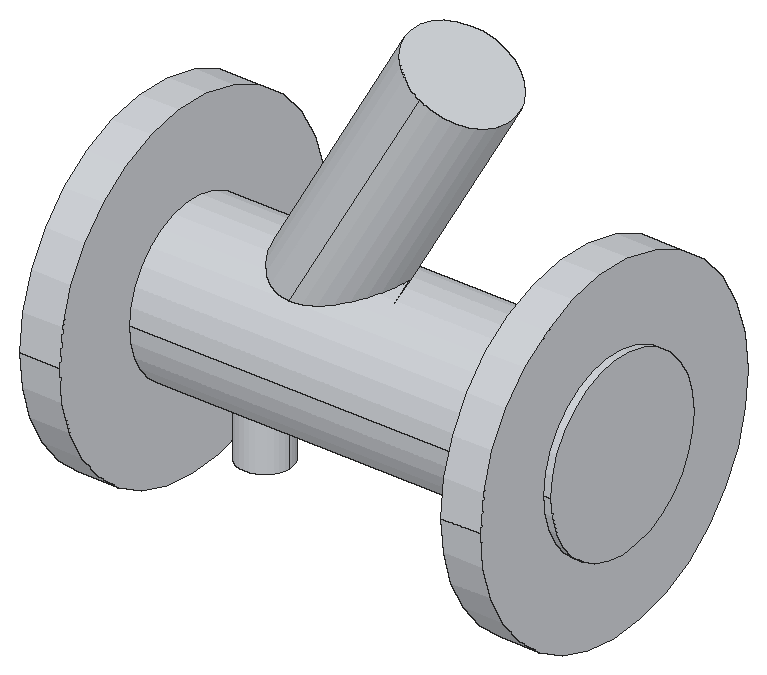
Revit family "HS 821-síto_jemné-PN25-DN020-RFA_2019", category Pipe Accessories, Revit 2019
Family settings
  Round Connector Dimension = Use Diameter
  Part Type = Breaks Into
  Work Plane-Based = No
  Always vertical = Yes
  Cut with Voids When Loaded = No
  Shared = No
Parameters (values of type "821D-DN020-PN25-síto_jemné")
  magiProductId = "270e0f14012f47189cd0235c18faee"
  magiProductFamilyId = "79214ac3aaa945e397802f559f5c1e"
  magiPartTypeId = 307
  isMeasuringValve [instance] = no
  ang2D [instance] = 0.00°
  ZB__ve = -ZB  # -17.75 mm
  ZB1 = 22.68 mm
  ZB = 17.75 mm
  X2 = 51.673 mm
  X1 = 21 mm
  W2D = 15 mm
  VersionID = "2.0/2017.9.26.1/ZETKAMA_821_001"
  Use Minimum Symbol Size [instance] = yes
  URL = "www.hydronic.cz"
  Type Comments = "Filtr přírubový; síto jemné; A-PN16 (-10~300°C); D-PN25 (-10~350°C); F-PN40 (-10~400°C)"
  S = 56 mm
  QmdConnectorList = "301;D;302;D"
  Productdata [instance] = ""
  Manufacturer = "Hydronic Systems Prague s.r.o."
  MC Product Code = "210 220 (821D; DN020; PN25; kvs9,6; oko síta 0,63mm)"
  LM1 = 12 mm
  LM = 120 mm
  L4 = 37.5 mm
  L2D_Min = 3048 mm
  L2D = 130 mm
  L2 = 75 mm
  HH2 = 89.5 mm
  FD = 105 mm
  Description = "Filtr přírubový; síto jemné; 821A-PN16; 821D-PN25; 821F-PN40"
  DM1 = 33.6 mm
  DM = 50.4 mm
  D = 20 mm
  CC = 2.55 mm
  CAT0 = yes
  C1 = 12.45 mm
  C = 15 mm
  BD = 15.876 mm
Types (40, lengths in mm): name | magiProductId | ZB__ve | ZB1 | ZB | X2 | X1 | S | MC Product Code | LM1 | LM | L4 | L2 | HH2 | FD | DM1 | DM | D | CC | C1 | C | BD
  821A-DN015-PN16-síto_jemné | "a71bcfe8b393460598b23e8ddf7dc5" | -16.25 | 18.63 | 16.25 | 46.982 | 18.2 | 46 | "210 115 (821A; DN015; PN16; kvs6,2; oko síta 0,63mm)" | 10.4 | 104 | 32.5 | 65 | 81.375 | 95 | 27.6 | 41.4 | 15 | 2.21 | 10.79 | 13 | 13.041
  821A-DN020-PN16-síto_jemné | "41cd6c7a12924f4991217528336076" | -17.75 | 22.68 | 17.75 | 51.673 | 21 | 56 | "210 120 (821A; DN020; PN16; kvs9,6; oko síta 0,63mm)" | 12 | 120 | 37.5 | 75 | 89.5 | 105 | 33.6 | 50.4 | 20 | 2.55 | 12.45 | 15 | 15.876
  821A-DN025-PN16-síto_jemné | "be378b463ed14c3abf4c9b3ae8cf3a" | -19.25 | 26.325 | 19.25 | 58.601 | 22.4 | 65 | "210 125 (821A; DN025; PN16; kvs14,2; oko síta 0,63mm)" | 12.8 | 128 | 40 | 80 | 101.5 | 115 | 43.2 | 58.5 | 25 | 2.72 | 13.28 | 16 | 18.427
  821A-DN032-PN16-síto_jemné | "227a0d18b21540afabe8b6067d35fa" | -23 | 30.78 | 23 | 68.849 | 25.2 | 76 | "210 132 (821A; DN032; PN16; kvs23,1; oko síta 0,63mm)" | 14.4 | 144 | 45 | 90 | 119.25 | 140 | 50.4 | 68.4 | 32 | 3.06 | 14.94 | 18 | 21.546
  821A-DN040-PN16-síto_jemné | "d106917c74724141a10440112d0102" | -24.5 | 34.02 | 24.5 | 75.777 | 28 | 84 | "210 140 (821A; DN040; PN16; kvs36,6; oko síta 0,63mm)" | 16 | 160 | 50 | 100 | 131.25 | 150 | 60 | 75.6 | 40 | 3.4 | 16.6 | 20 | 23.814
  821A-DN050-PN16-síto_jemné | "8255d456a09e4f6486734f5dd9171b" | -26.75 | 40.095 | 26.75 | 79.061 | 32.2 | 99 | "210 150 (821A; DN050 PN16; kvs53,7; oko síta 0,63mm)" | 18.4 | 184 | 57.5 | 115 | 136.938 | 165 | 73.8 | 89.1 | 50 | 3.91 | 19.09 | 23 | 28.066
  821A-DN065-PN16-síto_jemné | "235b1b3e4c0843779a4d5e3716d40a" | -29.75 | 47.79 | 29.75 | 86.927 | 40.6 | 118 | "210 165 (821A; DN065; PN16; kvs95,1; oko síta 0,63mm)" | 23.2 | 232 | 72.5 | 145 | 150.562 | 185 | 94.2 | 106.2 | 65 | 4.93 | 24.07 | 29 | 33.453
  821A-DN080-PN16-síto_jemné | "a067f7c5236348ed8c820d16df7214" | -32 | 53.46 | 32 | 104.753 | 43.4 | 132 | "210 180 (821A; DN080; PN16; kvs137,1; oko síta 0,63mm)" | 24.8 | 248 | 77.5 | 155 | 181.438 | 200 | 107.4 | 118.8 | 80 | 5.27 | 25.73 | 31 | 37.422
  821A-DN100-PN16-síto_jemné | "c49a648c2747461285837d643703cd" | -35 | 63.18 | 35 | 114.857 | 49 | 156 | "210 190 (821A; DN100; PN16; kvs206,4; oko síta 0,63mm)" | 28 | 280 | 87.5 | 175 | 198.937 | 220 | 131.4 | 140.4 | 100 | 5.95 | 29.05 | 35 | 44.226
  821A-DN125-PN16-síto_jemné | "bf68e728a163493cbd2a663b26ebdc" | -39.5 | 74.52 | 39.5 | 131.888 | 56 | 184 | "210 191 (821A; DN125; PN16; kvs268,8; oko síta 0,63mm)" | 32 | 320 | 100 | 200 | 228.438 | 250 | 165 | 165.6 | 125 | 6.8 | 33.2 | 40 | 52.164
  821A-DN150-PN16-síto_jemné | "2de770284b654863ae6bc865769dc5" | -44.75 | 85.455 | 44.75 | 155.885 | 67.2 | 211 | "210 192 (821A; DN150; PN16; kvs401,4; oko síta 0,63mm)" | 38.4 | 384 | 120 | 240 | 270 | 285 | 192 | 189.9 | 150 | 8.16 | 39.84 | 48 | 59.818
  821A-DN200-PN16-síto_jemné | "8e5693371ab64aabb29a7f08c76e15" | -53 | 107.73 | 53 | 188.361 | 84 | 266 | "210 193 (821A; DN200; PN16; kvs706,7; oko síta 0,63mm)" | 48 | 480 | 150 | 300 | 326.25 | 340 | 252 | 239.4 | 200 | 10.2 | 49.8 | 60 | 75.411
  821A-DN250-PN16-síto_jemné | "05e37ed948c34047acdd4c42556504" | -62.75 | 129.195 | 62.75 | 255.911 | 102.2 | 319 | "210 194 (821A; DN250; PN16; kvs1229,4; oko síta 0,63mm)" | 58.4 | 584 | 182.5 | 365 | 443.25 | 405 | 309.6 | 287.1 | 250 | 12.41 | 60.59 | 73 | 90.436
  821A-DN300-PN16-síto_jemné | "9ad0af747269428da925480d83ce80" | -71 | 149.85 | 71 | 325.914 | 119 | 370 | "210 195 (821A; DN300; PN16; kvs1902,4; oko síta 0,63mm)" | 68 | 680 | 212.5 | 425 | 564.5 | 460 | 369.6 | 333 | 300 | 14.45 | 70.55 | 85 | 104.895
  821A-DN350-PN16-síto_jemné | "eebc71459bb3451bb4355e7951370a" | -80 | 173.745 | 80 | 356.875 | 137.2 | 429 | "200 196 (821A; DN350; PN16; kvs2611,0; oko síta 0,63mm)" | 78.4 | 784 | 245 | 490 | 618.125 | 520 | 438 | 386.1 | 350 | 16.66 | 81.34 | 98 | 121.621
  821A-DN400-PN16-síto_jemné | "d2f677cb196647e385b2590e7d8abe" | -89 | 194.4 | 89 | 392.237 | 154 | 480 | "210 197 (821A; DN400; PN16; kvs3438,4; oko síta 0,63mm)" | 88 | 880 | 275 | 550 | 679.375 | 580 | 498 | 432 | 400 | 18.7 | 91.3 | 110 | 136.08
  821D-DN015-PN25-síto_jemné | "27ddcbf555414f8ca1fde329bf9087" | -16.25 | 18.63 | 16.25 | 46.982 | 18.2 | 46 | "210 215 (821D; DN015; PN25; kvs6,2; oko síta 0,63mm)" | 10.4 | 104 | 32.5 | 65 | 81.375 | 95 | 27.6 | 41.4 | 15 | 2.21 | 10.79 | 13 | 13.041
  821D-DN020-PN25-síto_jemné | "270e0f14012f47189cd0235c18faee" | -17.75 | 22.68 | 17.75 | 51.673 | 21 | 56 | "210 220 (821D; DN020; PN25; kvs9,6; oko síta 0,63mm)" | 12 | 120 | 37.5 | 75 | 89.5 | 105 | 33.6 | 50.4 | 20 | 2.55 | 12.45 | 15 | 15.876
  821D-DN025-PN25-síto_jemné | "b9a7fb4aa36643878c637d8e1ab992" | -19.25 | 26.325 | 19.25 | 58.601 | 22.4 | 65 | "210 225 (821D; DN025; PN25; kvs14,2; oko síta 0,63mm)" | 12.8 | 128 | 40 | 80 | 101.5 | 115 | 43.2 | 58.5 | 25 | 2.72 | 13.28 | 16 | 18.427
  821D-DN032-PN25-síto_jemné | "6be9a55c4e68400f94eec7e804204c" | -23 | 30.78 | 23 | 68.849 | 25.2 | 76 | "210 232 (821D; DN032; PN25; kvs23,1; oko síta 0,63mm)" | 14.4 | 144 | 45 | 90 | 119.25 | 140 | 50.4 | 68.4 | 32 | 3.06 | 14.94 | 18 | 21.546
  821D-DN040-PN25-síto_jemné | "c54511bd7f584ec2984291479612cb" | -24.5 | 34.02 | 24.5 | 75.777 | 28 | 84 | "210 240 (821D; DN040; PN25; kvs36,6; oko síta 0,63mm)" | 16 | 160 | 50 | 100 | 131.25 | 150 | 60 | 75.6 | 40 | 3.4 | 16.6 | 20 | 23.814
  821D-DN050-PN25-síto_jemné | "5483b1f596b04cd39b23a14a22c90e" | -26.75 | 40.095 | 26.75 | 79.061 | 32.2 | 99 | "210 250 (821D; DN050; PN25; kvs53,7; oko síta 0,63mm)" | 18.4 | 184 | 57.5 | 115 | 136.938 | 165 | 73.8 | 89.1 | 50 | 3.91 | 19.09 | 23 | 28.066
  821D-DN065-PN25-síto_jemné | "767b0f8318e94750bc7a9930ed5b30" | -29.75 | 47.79 | 29.75 | 86.927 | 40.6 | 118 | "210 265 (821D; DN065; PN25; kvs95,1; oko síta 0,63mm)" | 23.2 | 232 | 72.5 | 145 | 150.562 | 185 | 94.2 | 106.2 | 65 | 4.93 | 24.07 | 29 | 33.453
  821D-DN080-PN25-síto_jemné | "e21040fa3cc2404b858198f6b73709" | -32 | 53.46 | 32 | 104.753 | 43.4 | 132 | "210 280 (821D; DN080; PN25; kvs137,1; oko síta 0,63mm)" | 24.8 | 248 | 77.5 | 155 | 181.438 | 200 | 107.4 | 118.8 | 80 | 5.27 | 25.73 | 31 | 37.422
  821D-DN100-PN25-síto_jemné | "175ca87a506b40b3bc6b82f12f33cf" | -37.25 | 63.18 | 37.25 | 114.857 | 49 | 156 | "210 290 (821D; DN100; PN25; kvs206,4; oko síta 0,63mm)" | 28 | 280 | 87.5 | 175 | 198.937 | 235 | 131.4 | 140.4 | 100 | 5.95 | 29.05 | 35 | 44.226
  821D-DN125-PN25-síto_jemné | "77cc98d60da24855999a22dff726b2" | -42.5 | 74.52 | 42.5 | 131.888 | 56 | 184 | "210 291 (821D; DN125; PN25; kvs268,8; oko síta 0,63mm)" | 32 | 320 | 100 | 200 | 228.438 | 270 | 165 | 165.6 | 125 | 6.8 | 33.2 | 40 | 52.164
  821D-DN150-PN25-síto_jemné | "9cf8acfcd15547d68e83172d3abcbe" | -47 | 85.455 | 47 | 155.885 | 67.2 | 211 | "210 292 (821D; DN150; PN25; kvs401,4; oko síta 0,63mm)" | 38.4 | 384 | 120 | 240 | 270 | 300 | 192 | 189.9 | 150 | 8.16 | 39.84 | 48 | 59.818
  821D-DN200-PN25-síto_jemné | "16973f3c9ea14389ba8602495a6b64" | -56 | 110.97 | 56 | 188.361 | 84 | 274 | "210 293 (821D; DN200; PN25; kvs706,7; oko síta 0,63mm)" | 48 | 480 | 150 | 300 | 326.25 | 360 | 252 | 246.6 | 200 | 10.2 | 49.8 | 60 | 77.679
  821F-DN015-PN40-síto_jemné | "4c7eaf3c4c0340888b3e684d8a8616" | -16.25 | 18.225 | 16.25 | 46.982 | 18.2 | 45 | "250 615 (821F; DN015; PN40; kvs6,2; oko síta 0,63mm)" | 10.4 | 104 | 32.5 | 65 | 81.375 | 95 | 27.6 | 40.5 | 15 | 2.21 | 10.79 | 13 | 12.757
  821F-DN020-PN40-síto_jemné | "aaac5f1ec96b44d6ba96ac2293d66d" | -17.75 | 23.49 | 17.75 | 51.673 | 21 | 58 | "250 620 (821F; DN020; PN40; kvs9,6; oko síta 0,63mm)" | 12 | 120 | 37.5 | 75 | 89.5 | 105 | 33.6 | 52.2 | 20 | 2.55 | 12.45 | 15 | 16.443
  821F-DN025-PN40-síto_jemné | "504768023968471481789485b54c7e" | -19.25 | 27.54 | 19.25 | 58.601 | 22.4 | 68 | "250 625 (821F; DN025; PN40; kvs14,2; oko síta 0,63mm)" | 12.8 | 128 | 40 | 80 | 101.5 | 115 | 43.2 | 61.2 | 25 | 2.72 | 13.28 | 16 | 19.278
  821F-DN032-PN40-síto_jemné | "165e7f39cf744f329bdf1c400dad12" | -23 | 31.59 | 23 | 68.849 | 25.2 | 78 | "250 632 (821F; DN032; PN40; kvs23,1; oko síta 0,63mm)" | 14.4 | 144 | 45 | 90 | 119.25 | 140 | 50.4 | 70.2 | 32 | 3.06 | 14.94 | 18 | 22.113
  821F-DN040-PN40-síto_jemné | "b8903f952089408fbf3a5a632bab1f" | -24.5 | 35.64 | 24.5 | 75.777 | 28 | 88 | "250 640 (821F; DN040; PN40; kvs36,6; oko síta 0,63mm)" | 16 | 160 | 50 | 100 | 131.25 | 150 | 60 | 79.2 | 40 | 3.4 | 16.6 | 20 | 24.948
  821F-DN050-PN40-síto_jemné | "c451f97266fe48da8f879cb6a2bd44" | -26.75 | 41.31 | 26.75 | 79.061 | 32.2 | 102 | "250 650 (821F; DN050; PN40; kvs53,7; oko síta 0,63mm)" | 18.4 | 184 | 57.5 | 115 | 136.938 | 165 | 73.8 | 91.8 | 50 | 3.91 | 19.09 | 23 | 28.917
  821F-DN065-PN40-síto_jemné | "dc9821e3f9b34e128f6a8c6b34c198" | -29.75 | 49.41 | 29.75 | 86.927 | 40.6 | 122 | "250 665 (821F; DN065; PN40; kvs95,1; oko síta 0,63mm)" | 23.2 | 232 | 72.5 | 145 | 150.562 | 185 | 94.2 | 109.8 | 65 | 4.93 | 24.07 | 29 | 34.587
  821F-DN080-PN40-síto_jemné | "689aa1e260f84cf4994f027a1d86b5" | -32 | 55.89 | 32 | 104.753 | 43.4 | 138 | "250 680 (821F; DN080; PN40; kvs137,1; oko síta 0,63mm)" | 24.8 | 248 | 77.5 | 155 | 181.438 | 200 | 107.4 | 124.2 | 80 | 5.27 | 25.73 | 31 | 39.123
  821F-DN100-PN40-síto_jemné | "8a45d4e8e2ab425f8c432f21d684f3" | -37.25 | 65.61 | 37.25 | 114.857 | 49 | 162 | "250 690 (821F; DN100; PN40; kvs206,4; oko síta 0,63mm)" | 28 | 280 | 87.5 | 175 | 198.937 | 235 | 131.4 | 145.8 | 100 | 5.95 | 29.05 | 35 | 45.927
  821F-DN125-PN40-síto_jemné | "cf073904c006406b8645afa67ea2fc" | -42.5 | 76.14 | 42.5 | 131.888 | 56 | 188 | "250 691 (821F; DN125; PN40; kvs268,8; oko síta 0,63mm)" | 32 | 320 | 100 | 200 | 228.438 | 270 | 165 | 169.2 | 125 | 6.8 | 33.2 | 40 | 53.298
  821F-DN150-PN40-síto_jemné | "0153b9ddabe14992a630484929fdbc" | -47 | 88.29 | 47 | 155.885 | 67.2 | 218 | "250 692 (821F; DN150; PN40; kvs401,4; oko síta 0,63mm)" | 38.4 | 384 | 120 | 240 | 270 | 300 | 192 | 196.2 | 150 | 8.16 | 39.84 | 48 | 61.803
  821F-DN200-PN40-síto_jemné | "7fb3fc01dd8d42428c203e3f8dd4d5" | -56 | 115.425 | 56 | 188.361 | 84 | 285 | "250 693 (821F; DN200; PN40; kvs706,7; oko síta 0,63mm)" | 48 | 480 | 150 | 300 | 326.25 | 360 | 252 | 256.5 | 200 | 10.2 | 49.8 | 60 | 80.797
Reference planes
  plane 1 "Center (Front/Back)": y = 0
  plane 2 "XYPLANE": z = 0
  plane 3 "Center (Left/Right)": x = 0
  plane 4 "109": x = -48
  plane 5 "108": x = 60
  plane 6 "107": x = -60
  plane 7 "105": x = 75
  plane 8 "104": x = -75
  plane 9 "103": y = 0
  plane 10 "102": z = 0
  plane 11 "101": x = -72.45
  plane 12 "100": x = 72.45
  plane 13 "11": x = -27
  plane 14 "10": z = 89.5
  plane 15 "9": x = 24.673
  plane 16 "5": z = -22.68
  plane 17 "4": x = -37.5
  plane 18 "1": x = 37.5
Forms (mm)
  Extrusion 1, solid, visible <- "CAT0"
    sketch origin (-60, -750, 0) x (0, 1, 0) y (0, 0, 1)
      loop
        circle (750, 0) r 25.2
    from 0 to 120 <- "LM"
  Extrusion 2, solid
    sketch origin (-75, -750, 0) x (0, 1, 0) y (0, 0, 1)
      loop
        circle (750, 0) r 28
    from 0 to 2.55 <- "CC"
  Extrusion 3, solid
    sketch origin (-72.45, -750, 0) x (0, 1, 0) y (0, 0, 1)
      loop
        circle (750, 0) r 52.5
    from 0 to 12.45 <- "C1"
  Extrusion 4, solid
    sketch origin (60, -750, 0) x (0, 1, 0) y (0, 0, 1)
      loop
        circle (750, 0) r 52.5
    from 0 to 12.45 <- "C1"
  Extrusion 5, solid
    sketch origin (72.45, -750, 0) x (0, 1, 0) y (0, 0, 1)
      loop
        circle (750, 0) r 28
    from 0 to 2.55 <- "CC"
  Sweep 6, solid, visible <- "CAT0"
    path origin (750, 0, 0) x (-1, 0, 0) y (0, 0, 1)
      loop
        line (810, 0) -> (777, 0) -> (725.327, 89.5)
    profile origin (-60, 0, 0) x (0, 0, -1) y (0, 1, 0)
      loop
        circle (0, 0) r 16.8
  Extrusion 7, solid, visible <- "CAT0"
    sketch origin (-750, 0, -22.68) x (1, 0, 0) y (0, 1, 0)
      loop
        circle (712.5, 0) r 7.938
    from 0 to -17.75 <- "ZB__ve"
  Extrusion 8, solid, visible <- "CAT0"
    sketch origin (-750, 0, -22.68) x (1, 0, 0) y (0, 1, 0)
      loop
        circle (787.5, 0) r 7.938
    from 0 to -17.75 <- "ZB__ve"
  Extrusion 9, solid, not visible
    sketch origin (75, -750, 0) x (0, 1, 0) y (0, 0, 1)
      loop
        circle (750, 0) r 10
    from 0 to -10
  Extrusion 10, solid, not visible
    sketch origin (-75, -750, 0) x (0, 1, 0) y (0, 0, 1)
      loop
        circle (750, 0) r 10
    from 0 to 10
Lines and regions (mm)
  reference lines, not visible
    curve 1: circle (2, 2, 0) r 1 normal (0, 0, 1)
Dimensions and locks
  plane 1 "Center (Front/Back)" to curve 1 = 2 mm
  "LM1": plane 6 "107" to plane 4 "109"
  "LM": plane 6 "107" to plane 5 "108"
  "C": plane 8 "104" to plane 6 "107"
  "L2": plane 3 "Center (Left/Right)" to plane 7 "105"
  "L2": plane 3 "Center (Left/Right)" to plane 8 "104"
  locked: plane 1 "Center (Front/Back)" to plane 9 "103"
  locked: plane 2 "XYPLANE" to plane 10 "102"
  "CC": plane 8 "104" to plane 11 "101"
  "C1": plane 5 "108" to plane 12 "100"
  "X1": plane 4 "109" to plane 13 "11"
  "HH2": plane 2 "XYPLANE" to plane 14 "10"
  "X2": plane 13 "11" to plane 15 "9"
  "ZB1": plane 2 "XYPLANE" to plane 16 "5"
  "L4": plane 8 "104" to plane 17 "4"
  "L2": plane 17 "4" to plane 18 "1"
  Sweep 6 sketch curve to Sweep 6 sketch curve = 0 mm  (x2)
  "DM": diameter of Extrusion 1 sketch curve
  "S": diameter of Extrusion 2 sketch curve
  "FD": diameter of Extrusion 3 sketch curve
  "FD": diameter of Extrusion 4 sketch curve
  "S": diameter of Extrusion 5 sketch curve
  "DM1": diameter of Sweep 6 sketch curve
  "BD": diameter of Extrusion 7 sketch curve
  "BD": diameter of Extrusion 8 sketch curve
  aligned and locked: level to plane 2 "XYPLANE"
  aligned and locked: Extrusion 1 sketch curve to plane 9 "103"
  aligned and locked: plane 10 "102" to Extrusion 1 sketch curve
  aligned and locked: Extrusion 2 sketch curve to plane 9 "103"
  aligned and locked: plane 10 "102" to Extrusion 2 sketch curve
  aligned and locked: Extrusion 3 sketch curve to plane 9 "103"
  aligned and locked: plane 10 "102" to Extrusion 3 sketch curve
  aligned and locked: Extrusion 4 sketch curve to plane 9 "103"
  aligned and locked: plane 10 "102" to Extrusion 4 sketch curve
  aligned and locked: Extrusion 5 sketch curve to plane 9 "103"
  aligned and locked: plane 10 "102" to Extrusion 5 sketch curve
  aligned and locked: Sweep 6 sketch curve to plane 9 "103"
  aligned and locked: plane 10 "102" to Sweep 6 sketch curve  (x3)
  aligned and locked: plane 6 "107" to Sweep 6 sketch curve
  aligned and locked: plane 13 "11" to Sweep 6 sketch curve
  aligned and locked: plane 14 "10" to Sweep 6 sketch curve
  aligned and locked: plane 15 "9" to Sweep 6 sketch curve
  aligned and locked: plane 9 "103" to Extrusion 7 sketch curve
  aligned and locked: plane 17 "4" to Extrusion 7 sketch curve
  aligned and locked: plane 9 "103" to Extrusion 8 sketch curve
  aligned and locked: plane 18 "1" to Extrusion 8 sketch curve
  aligned and locked: Extrusion 9 sketch curve to plane 9 "103"
  aligned and locked: plane 10 "102" to Extrusion 9 sketch curve
  aligned and locked: Extrusion 10 sketch curve to plane 9 "103"
  aligned and locked: plane 10 "102" to Extrusion 10 sketch curve
Automatic sketch dimensions
  plane 1 "Center (Front/Back)" to Extrusion 9 sketch curve = 10 mm
  plane 1 "Center (Front/Back)" to Extrusion 10 sketch curve = 10 mm
  plane 3 "Center (Left/Right)" to curve 1 = 2 mm
  radius of curve 1 = 1 mm
Connectors
  piping at (-75, 0, 0), diameter 20, driven by "D"
    settings: on Extrusion 10, index 1, connector inside diameter 609.6 mm, connector length 0 mm, flow factor 0, pipe flow 0.0 L/s, pressure drop 0.0 Pa, fitting loss kfactor 0, connector angle 0.00°, fixture units 0, engagement length 0 mm, angle of deflection 0.00°, flow configuration 0, flow direction 0, fitting loss method 0, system type 29, joint type 0, gender type 0, connector reference index 2, connector utility 0, adjustable connector no, is connector primary yes, connector description ""
  piping at (75, 0, 0), diameter 20, driven by "D"
    settings: on Extrusion 9, index 2, connector inside diameter 609.6 mm, connector length 0 mm, flow factor 0, pipe flow 0.0 L/s, pressure drop 0.0 Pa, fitting loss kfactor 0, connector angle 0.00°, fixture units 0, engagement length 0 mm, angle of deflection 0.00°, flow configuration 0, flow direction 0, fitting loss method 0, system type 29, joint type 0, gender type 0, connector reference index 1, connector utility 0, adjustable connector no, is connector primary no, connector description ""
